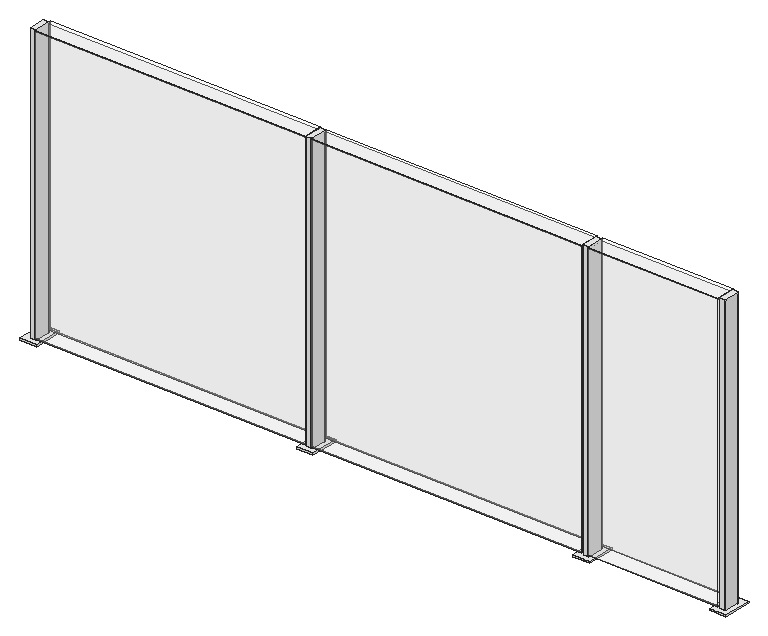
Revit family "NBS_BetafenceLimited_MtlMeshPnlFncngSym_ZenturoGabionWallBasePlated", category Generic Models, Revit 2016
Family settings
  Part Type = Normal
  Can host rebar = No
  Round Connector Dimension = Use Diameter
  OmniClass Number = 23.11.25.19.21
  OmniClass Title = Panel Fences
  Work Plane-Based = No
  Cut with Voids When Loaded = No
  Shared = No
  Room Calculation Point = No
Parameters (values of type "Zenturo Gabion Wall Baseplated")
  WarrantyStartDate [instance] = "1900-12-31T23:59:59"
  WarrantyGuarantorParts = "n/a"
  WarrantyGuarantorLabor = "n/a"
  WarrantyDurationUnit = "year"
  WarrantyDurationParts = "n/a"
  WarrantyDurationLabor = "n/a"
  WarrantyDescription = "n/a"
  Version = "1"  # constant formula
  Uniclass2015Version = "Systems v1.6"
  Uniclass2015Title = "Metal mesh panel fencing systems"
  Uniclass2015Code = "Ss_25_14_67_51"
  TagNumber [instance] = "n/a"
  SystemAccessories = "n/a"
  SustainabilityPerformance = "n/a"
  StandardPostAxisOffset = 2005 mm  # constant formula
  Size = "n/a"
  SiteAppliedFinishes = "n/a"
  Shape = "n/a"
  SerialNumber [instance] = "n/a"
  Revision = "n/a"
  ReplacementCost = "n/a"
  Reference = "n/a"
  Rails = "n/a"
  ProductInformation = "//www.betafence.co.uk/en/zenturo-super-gabion-wall"
  Posts = "n/a"
  PostThickness = 120 mm  # constant formula
  PostFoundations = "Installation guides available on request"
  Panels = "n/a"
  PanelThickness = 144 mm  # constant formula
  PanelSizeOptions = "2005 x 655 mm, 2005 x 955 mm, 2005 x 1255 mm, 2005 x 1555 mm, 2005 x 1705 mm, 2005 x 2005 mm"
  PanelOffsetFromPostAxis = PostWidth / 2  # 20 mm
  PanelOffsetFromPostCL = PanelThickness * 0.5  # 72 mm
  PanelMaterial = NBS_BetafenceLimited_MtlMeshPnlFncngSym_ZenturoGabionWall_Panel
  PanelHeight = PostHeight  # 2005 mm
  PanelElevation = 20 mm  # constant formula
  NumberOfStartPosts [instance] = if(HasPostAtStart, 1, 0)  # 1
  NumberOfPanels [instance] = if(HasNonStandardEndPanel, NumberOfWholePanels + 1, NumberOfWholePanels)  # 3
  NumberOfWholePanels [instance] = rounddown([built-in parameter 1001306] / StandardPostAxisOffset)  # 2
  NumberOfIntermediatePosts [instance] = NumberOfPanels - 1  # 2
  NumberOfEndPosts [instance] = if(HasPostOnEnd, 1, 0)  # 1
  NumberOfPosts [instance] = NumberOfStartPosts + NumberOfIntermediatePosts + NumberOfEndPosts  # 4
  NonStandardEndPanelLength [instance] = [built-in parameter 1001306] - StandardPostAxisOffset * NumberOfWholePanels  # 990 mm
  NominalWidth = StandardPostAxisOffset  # 2005 mm
  NominalLength = 0 mm
  NominalHeight = PostHeight  # 2005 mm
  Name = "MetalMeshPanelFencingSystem_ZenturoGabionWallBaseplated_BetafenceLimited"
  NBSTypeID = "n/a"
  NBSReference = "25-20-30/145"
  NBSOfficeMasterTag = "n/a"
  NBSNote = "n/a"
  NBSDescription = "Metal mesh panel fencing system"
  NBSCertification = "www.nationalbimlibrary.com/cert/mbcdywid"
  ModelReference = "Zenturo Gabion Wall Baseplated"
  ModelNumber = "n/a"
  Material = "n/a"
  ManufacturerURL = "www.betafence.co.uk"
  ManufacturerName = "Betafence Limited"  # constant formula
  Manufacturer = "sales.sheffield@betafence.com"  # constant formula
  built-in parameter 1001306 [instance] = 5000 mm
  IsExternal = yes
  InstallationDate [instance] = "1900-12-31T23:59:59"
  IfcExportType = "NOTDEFINED"  # constant formula
  IfcExportAs = "IfcWallType"  # constant formula
  Height = PostHeight  # 2005 mm
  HasSingleWholePanel [instance] = NumberOfWholePanels = 1  # no
  HasSingleIntermediatePost [instance] = NumberOfIntermediatePosts = 1  # no
  HasMultipleWholePanels [instance] = NumberOfWholePanels > 1  # yes
  HasMultipleIntermediatePosts [instance] = NumberOfIntermediatePosts > 1  # yes
  HasFoundation [instance] = yes
  Has4FoldPanel = (PostHeight > 2001 mm)  # yes
  Has3FoldPanel = not(Has4FoldPanel)  # no
  Grade = "n/a"
  FoundationMaterial = NBS_Concept
  PostWidth = 40 mm  # constant formula
  PostMountDepth = 700 mm  # constant formula
  PostMaterial = NBS_Concept
  PostHeight = 2005 mm
  HasNonStandardEndPanel [instance] = ([built-in parameter 1001306] / StandardPostAxisOffset) > NumberOfWholePanels  # yes
  HasPostOnEnd [instance] = yes
  HasPostAtStart [instance] = yes
  FoundationWidth [instance] = 300 mm
  FoundationDepth [instance] = 700 mm
  Finish = "n/a"
  FenceTopping = "n/a"
  Features = "n/a"
  ExpectedLife = "n/a"
  DurationUnit = "year"
  Diameter = 0 mm
  Description = "n/a"
  Constituents = "n/a"
  Color = "n/a"
  CodePerformance = "n/a"
  Category = "Ss_25_14_67_51: Metal mesh panel fencing systems"
  CalculatedNumberOfWholePanels [instance] = if(NumberOfWholePanels < 2, 2, NumberOfWholePanels)  # 2
  CalculatedNumberOfIntermediatePosts [instance] = if(NumberOfIntermediatePosts < 2, 2, NumberOfIntermediatePosts)  # 2
  CalculatedNonStandardEndPanelLength [instance] = if(NonStandardEndPanelLength < 2 mm, 2 mm, NonStandardEndPanelLength)  # 990 mm
  BaseBoards = "n/a"
  BarCode [instance] = "n/a"
  BIMObjectName = "NBS_BetafenceLimited_MetalMeshPanelFencingSystem_ZenturoGabionWallBasePlated"
  Author = "NBS"  # constant formula
  AssetType = "Fixed"
  AssetIdentifier [instance] = "n/a"
  AccessibilityPerformance = "n/a"
Reference planes
  plane 1 "Center (Front/Back)": y = 0
  plane 2: z = 0
  plane 3 "Left": x = 0
  plane 4 "Right": x = 5000
  plane 5: x = 2005
  plane 6: x = 4010
  plane 7: z = 2025
  plane 8: y = 150
  plane 9: y = -150
  plane 10: y = -60
  plane 11: y = 60
  plane 12 "PanelElevation": z = 20
  plane 13: x = 4010
  plane 14: y = -72
Lines and regions (mm)
  reference lines
    curve 1: line (0, 0, 0) -> (5000, 0, 0)
Dimensions and locks
  "built-in parameter 1001306": plane 3 "Left" to plane 4 "Right"
  "StandardPostAxisOffset": plane 3 "Left" to plane 5
  "StandardPostAxisOffset": plane 5 to plane 6
  "PostHeight": plane 7 to plane 12 "PanelElevation"
  equal spacing: plane 9, plane 1 "Center (Front/Back)", plane 8
  "FoundationWidth": plane 9 to plane 8
  equal spacing: plane 10, plane 1 "Center (Front/Back)", plane 11
  "PostThickness": plane 10 to plane 11
  "PanelElevation": plane 12 "PanelElevation" to plane 2
  "CalculatedNonStandardEndPanelLength": plane 13 to plane 4 "Right"
  group 1 to group 2 = 2005 mm
  group 1 to group 2 = 0 mm  (x2)
  "PanelOffsetFromPostCL": plane 14 to plane 1 "Center (Front/Back)"
  group 3 to group 4 = 2005 mm
  group 3 to group 4 = 0 mm  (x2)
  aligned and locked: plane 4 "Right" to curve 1
  aligned and locked: plane 1 "Center (Front/Back)" to curve 1
  aligned and locked: plane 3 "Left" to curve 1
  aligned and locked: level to plane 2
  aligned and locked: plane 3 "Left" to nested 1
  aligned and locked: plane 1 "Center (Front/Back)" to nested 1
  aligned and locked: plane 4 "Right" to nested 3
  aligned and locked: plane 1 "Center (Front/Back)" to nested 3
  aligned and locked: nested 2 to plane 5
  aligned and locked: plane 1 "Center (Front/Back)" to nested 2
  aligned and locked: plane 3 "Left" to nested 4
  aligned and locked: plane 2 to nested 1
  aligned and locked: plane 2 to nested 2
  aligned and locked: plane 2 to nested 3
  aligned and locked: plane 2 to nested 6
  aligned and locked: nested 6 to plane 5
  aligned and locked: plane 1 "Center (Front/Back)" to nested 6
  aligned and locked: plane 3 "Left" to nested 7
  aligned and locked: nested 4 to nested 7
  aligned and locked: plane 14 to nested 5
  aligned and locked: plane 14 to nested 7
  aligned and locked: plane 14 to nested 4
  aligned and locked: curve 1 to plane 2
  aligned and locked: nested 9 to plane 5
  aligned and locked: plane 14 to nested 9
  aligned and locked: plane 12 "PanelElevation" to nested 5
  aligned and locked: plane 12 "PanelElevation" to nested 4
  aligned and locked: plane 12 "PanelElevation" to nested 7
  aligned and locked: plane 12 "PanelElevation" to nested 9
  aligned and locked: nested 9 to plane 12 "PanelElevation"
  aligned and locked: nested 8 to plane 6
  aligned and locked: plane 4 "Right" to nested 5
Nested families
  nested 1: "NBS_BetafenceLimited_MtlMeshPnlFncngSym_ZenturoGabionWallSurfaceMountPost" at (0, 0, 0), visible <- "HasPostAtStart", FoundationMaterial <- "FoundationMaterial", FoundationDepth <- "FoundationDepth", FoundationWidth <- "FoundationWidth", PostMountDepth <- "PostMountDepth", PostHeight <- "PostHeight", PostMaterial <- "PostMaterial", HasFoundation <- "HasFoundation", PanelOffset <- "PanelElevation", type "NBS_BetafenceLimited_Post_SEED"
    with PostWidth 40 mm, PostThickness 120 mm, PostMountDepth 700 mm, PostMaterial NBS_Concept, PostHeight 2005 mm, PanelOffset 20 mm, HasFoundation yes, FoundationWidth 300 mm, FoundationMaterial NBS_Concept, FoundationDepth 700 mm
  nested 2: "NBS_BetafenceLimited_MtlMeshPnlFncngSym_ZenturoGabionWallSurfaceMountPost" at (2005, 0, 0), visible <- "HasSingleIntermediatePost", FoundationMaterial <- "FoundationMaterial", PostMaterial <- "PostMaterial", FoundationDepth <- "FoundationDepth", FoundationWidth <- "FoundationWidth", PostMountDepth <- "PostMountDepth", PostHeight <- "PostHeight", HasFoundation <- "HasFoundation", PanelOffset <- "PanelElevation", type "NBS_BetafenceLimited_Post_SEED"
    with PostWidth 40 mm, PostThickness 120 mm, PostMountDepth 700 mm, PostMaterial NBS_Concept, PostHeight 2005 mm, PanelOffset 20 mm, HasFoundation yes, FoundationWidth 300 mm, FoundationMaterial NBS_Concept, FoundationDepth 700 mm
  nested 3: "NBS_BetafenceLimited_MtlMeshPnlFncngSym_ZenturoGabionWallSurfaceMountPost" at (5000, 0, 0), visible <- "HasPostOnEnd", FoundationMaterial <- "FoundationMaterial", FoundationDepth <- "FoundationDepth", FoundationWidth <- "FoundationWidth", PostMountDepth <- "PostMountDepth", PostHeight <- "PostHeight", PostMaterial <- "PostMaterial", HasFoundation <- "HasFoundation", PanelOffset <- "PanelElevation", type "NBS_BetafenceLimited_Post_SEED"
    with PostWidth 40 mm, PostThickness 120 mm, PostMountDepth 700 mm, PostMaterial NBS_Concept, PostHeight 2005 mm, PanelOffset 20 mm, HasFoundation yes, FoundationWidth 300 mm, FoundationMaterial NBS_Concept, FoundationDepth 700 mm
  nested 4: "NBS_BetafenceLimited_MtlMeshPnlFncngSym_ZenturoGabionWall_Panel" at (0, -72, 20), PanelLength <- "StandardPostAxisOffset", PanelHeight <- "PanelHeight", visible <- "HasSingleWholePanel", PanelMaterial <- "PanelMaterial", PanelOffsetFromPostAxis <- "PanelOffsetFromPostAxis", Has4Folds <- "Has4FoldPanel", PanelThickness <- "PanelThickness", type "ZenturoGabionWall_Panel"
    with PanelThickness 144 mm, PanelOffsetFromPostAxis 20 mm, PanelMaterial NBS_BetafenceLimited_MtlMeshPnlFncngSym_ZenturoGabionWall_Panel, PanelLength 2005 mm, PanelHeight 2005 mm, Has4Folds yes, Has3Folds no, CalculatedPanelLength 2005 mm
  nested 5: "NBS_BetafenceLimited_MtlMeshPnlFncngSym_ZenturoGabionWall_Panel" at (4010, -72, 20), visible <- "HasNonStandardEndPanel", PanelLength <- "CalculatedNonStandardEndPanelLength", PanelHeight <- "PanelHeight", PanelOffsetFromPostAxis <- "PanelOffsetFromPostAxis", PanelMaterial <- "PanelMaterial", Has4Folds <- "Has4FoldPanel", PanelThickness <- "PanelThickness", type "ZenturoGabionWall_Panel"
    with PanelThickness 144 mm, PanelOffsetFromPostAxis 20 mm, PanelMaterial NBS_BetafenceLimited_MtlMeshPnlFncngSym_ZenturoGabionWall_Panel, PanelLength 990 mm, PanelHeight 2005 mm, Has4Folds yes, Has3Folds no, CalculatedPanelLength 990 mm
  nested 6: "NBS_BetafenceLimited_MtlMeshPnlFncngSym_ZenturoGabionWallSurfaceMountPost" at (2005, 0, 0), visible <- "HasMultipleIntermediatePosts", FoundationMaterial <- "FoundationMaterial", FoundationDepth <- "FoundationDepth", FoundationWidth <- "FoundationWidth", PostMountDepth <- "PostMountDepth", PostHeight <- "PostHeight", PostMaterial <- "PostMaterial", HasFoundation <- "HasFoundation", PanelOffset <- "PanelElevation", type "NBS_BetafenceLimited_Post_SEED"
    with PostWidth 40 mm, PostThickness 120 mm, PostMountDepth 700 mm, PostMaterial NBS_Concept, PostHeight 2005 mm, PanelOffset 20 mm, HasFoundation yes, FoundationWidth 300 mm, FoundationMaterial NBS_Concept, FoundationDepth 700 mm
  nested 7: "NBS_BetafenceLimited_MtlMeshPnlFncngSym_ZenturoGabionWall_Panel" at (0, -72, 20), visible <- "HasMultipleWholePanels", PanelLength <- "StandardPostAxisOffset", PanelHeight <- "PanelHeight", PanelMaterial <- "PanelMaterial", PanelOffsetFromPostAxis <- "PanelOffsetFromPostAxis", Has4Folds <- "Has4FoldPanel", PanelThickness <- "PanelThickness", type "ZenturoGabionWall_Panel"
    with PanelThickness 144 mm, PanelOffsetFromPostAxis 20 mm, PanelMaterial NBS_BetafenceLimited_MtlMeshPnlFncngSym_ZenturoGabionWall_Panel, PanelLength 2005 mm, PanelHeight 2005 mm, Has4Folds yes, Has3Folds no, CalculatedPanelLength 2005 mm
  nested 8: "NBS_BetafenceLimited_MtlMeshPnlFncngSym_ZenturoGabionWallSurfaceMountPost" at (4010, 0, 0), visible <- "HasMultipleIntermediatePosts", FoundationMaterial <- "FoundationMaterial", FoundationDepth <- "FoundationDepth", FoundationWidth <- "FoundationWidth", PostMountDepth <- "PostMountDepth", PostHeight <- "PostHeight", PostMaterial <- "PostMaterial", HasFoundation <- "HasFoundation", PanelOffset <- "PanelElevation", type "NBS_BetafenceLimited_Post_SEED"
    with PostWidth 40 mm, PostThickness 120 mm, PostMountDepth 700 mm, PostMaterial NBS_Concept, PostHeight 2005 mm, PanelOffset 20 mm, HasFoundation yes, FoundationWidth 300 mm, FoundationMaterial NBS_Concept, FoundationDepth 700 mm
  nested 9: "NBS_BetafenceLimited_MtlMeshPnlFncngSym_ZenturoGabionWall_Panel" at (2005, -72, 20), visible <- "HasMultipleWholePanels", PanelLength <- "StandardPostAxisOffset", PanelHeight <- "PanelHeight", PanelMaterial <- "PanelMaterial", PanelOffsetFromPostAxis <- "PanelOffsetFromPostAxis", Has4Folds <- "Has4FoldPanel", PanelThickness <- "PanelThickness", type "ZenturoGabionWall_Panel"
    with PanelThickness 144 mm, PanelOffsetFromPostAxis 20 mm, PanelMaterial NBS_BetafenceLimited_MtlMeshPnlFncngSym_ZenturoGabionWall_Panel, PanelLength 2005 mm, PanelHeight 2005 mm, Has4Folds yes, Has3Folds no, CalculatedPanelLength 2005 mm
Definition of nested family "NBS_BetafenceLimited_MtlMeshPnlFncngSym_ZenturoGabionWallSurfaceMountPost"
  Parameters (values of type "NBS_BetafenceLimited_Post_SEED")
    PostThickness [instance] = 120 mm
    PanelOffset [instance] = 20 mm
    HasFoundation [instance] = no
    FoundationMaterial [instance] = none
    PostMountDepth [instance] = 100 mm
    PostMaterial [instance] = none
    PostHeight [instance] = 1705 mm
    PostWidth [instance] = 40 mm
    FoundationWidth [instance] = 100 mm
    FoundationDepth [instance] = 100 mm
    BasePlateWidth = 120 mm  # constant formula
    BasePlateThickness = 12 mm  # constant formula
    BasePlateLength = 200 mm  # constant formula
  Reference planes
    plane 1 "Center (Front/Back)": y = 0
    plane 2: z = 0
    plane 3 "Center (Left/Right)": x = 0
    plane 4: z = 1725
    plane 5: z = -100
    plane 6: z = -100
    plane 7: x = -50
    plane 8: x = 50
    plane 9: y = 50
    plane 10: y = -50
    plane 11 "PanelOffsetBase": z = 20
    plane 12: x = -20
    plane 13: x = 20
    plane 14: y = -60
    plane 15: y = 60
    plane 16 "BasePlateTop": z = 12
    plane 17: x = -60
    plane 18: x = 60
    plane 19: y = 100
    plane 20: y = -100
    plane 21 "BackBoltCL": y = 80
    plane 22 "FrontBoltCL": y = -80
    plane 23 "LeftBoltCL": x = -40
    plane 24 "RightBoltCL": x = 40
  Forms (mm)
    Extrusion 1, solid, material <- "PostMaterial", detail levels coarse+medium
      sketch origin (0, 0, 0) x (1, 0, 0) y (0, 1, 0)
        loop
          line (-20, 60) -> (-20, -60) -> (20, -60) -> (20, 60) -> (-20, 60)
      from 0 to 1725
    Extrusion 2, solid, material <- "PostMaterial", detail levels fine
      sketch origin (0, 0, 0) x (1, 0, 0) y (0, 1, 0)
        loop
          line (-20, 56) -> (-20, -56)
          arc (-20, -56) -> (-18.828, -58.828) -> (-16, -60) r 4
          line (-16, -60) -> (16, -60)
          arc (16, -60) -> (18.828, -58.828) -> (20, -56) r 4
          line (20, -56) -> (20, 56)
          arc (20, 56) -> (18.828, 58.828) -> (16, 60) r 4
          line (16, 60) -> (-16, 60)
          arc (-16, 60) -> (-18.828, 58.828) -> (-20, 56) r 4
      from 0 to 1725
    Extrusion 3, solid, material <- "PostMaterial"
      sketch origin (0, 0, 0) x (1, 0, 0) y (0, 1, 0)
        loop
          line (-60, 100) -> (-60, -100) -> (60, -100) -> (60, 100) -> (-60, 100)
      from 0 to 12
  Lines and regions (mm)
    model lines
      curve 1: circle (-40, 80, 12) r 6.48 normal (0, 0, 1)
      curve 2: circle (40, 80, 12) r 6.5 normal (0, 0, 1)
      curve 3: circle (40, -80, 12) r 6.529 normal (0, 0, 1)
      curve 4: circle (-40, -80, 12) r 6.5 normal (0, 0, 1)
  Dimensions and locks
    "PostHeight": plane 4 to plane 11 "PanelOffsetBase"
    "FoundationDepth": plane 2 to plane 5
    "PostMountDepth": plane 2 to plane 6
    equal spacing: plane 9, plane 1 "Center (Front/Back)", plane 10
    equal spacing: plane 7, plane 3 "Center (Left/Right)", plane 8
    "FoundationWidth": plane 9 to plane 10
    "FoundationWidth": plane 7 to plane 8
    "PanelOffset": plane 11 "PanelOffsetBase" to plane 2
    equal spacing: plane 15, plane 1 "Center (Front/Back)", plane 14
    "PostThickness": plane 15 to plane 14
    equal spacing: plane 12, plane 3 "Center (Left/Right)", plane 13
    "PostWidth": plane 12 to plane 13
    "BasePlateThickness": plane 16 "BasePlateTop" to plane 2
    "BasePlateWidth": plane 18 to plane 17
    "BasePlateLength": plane 19 to plane 20
    locked: plane 22 "FrontBoltCL" to plane 20 at 20
    locked: plane 19 to plane 21 "BackBoltCL" at 20
    locked: plane 24 "RightBoltCL" to plane 18 at 20
    locked: plane 17 to plane 23 "LeftBoltCL" at 20
    equal spacing: plane 18, plane 3 "Center (Left/Right)", plane 17
    aligned and locked: level to plane 2
    aligned and locked: plane 4 to Extrusion 1
    aligned and locked: plane 14 to Extrusion 1 sketch curve
    aligned and locked: Extrusion 1 sketch curve to plane 15
    aligned and locked: Extrusion 1 sketch curve to plane 13
    aligned and locked: plane 12 to Extrusion 1 sketch curve
    aligned and locked: Extrusion 2 sketch curve to plane 12
    aligned and locked: Extrusion 2 sketch curve to plane 13
    aligned and locked: Extrusion 2 sketch curve to plane 14
    aligned and locked: Extrusion 2 sketch curve to plane 15
    aligned and locked: plane 4 to Extrusion 2
    aligned and locked: Extrusion 3 sketch curve to plane 19
    aligned and locked: Extrusion 3 sketch curve to plane 17
    aligned and locked: Extrusion 3 sketch curve to plane 18
    aligned and locked: Extrusion 3 sketch curve to plane 20
    aligned and locked: plane 16 "BasePlateTop" to Extrusion 3
    aligned and locked: Extrusion 1 to plane 2
    aligned and locked: Extrusion 3 to plane 2
  Automatic sketch dimensions
    plane 12 to Extrusion 2 sketch curve = 4 mm  (x2)
    Extrusion 2 sketch curve to plane 13 = 4 mm
    Extrusion 2 sketch curve to Extrusion 2 sketch curve = 4 mm
    curve 2 to plane 21 "BackBoltCL" = 0 mm
    curve 2 to plane 24 "RightBoltCL" = 0 mm
    curve 3 to plane 22 "FrontBoltCL" = 0 mm
    curve 3 to plane 24 "RightBoltCL" = 0 mm
    curve 4 to plane 22 "FrontBoltCL" = 0 mm
    curve 4 to plane 23 "LeftBoltCL" = 0 mm
    curve 1 to plane 21 "BackBoltCL" = 0 mm
    curve 1 to plane 23 "LeftBoltCL" = 0 mm
    radius of curve 1 = 6.48 mm
    radius of curve 2 = 6.5 mm
    radius of curve 3 = 6.529 mm
    radius of curve 4 = 6.5 mm
Definition of nested family "NBS_BetafenceLimited_MtlMeshPnlFncngSym_ZenturoGabionWall_Panel"
  Parameters (values of type "ZenturoGabionWall_Panel")
    PanelOffsetFromPostAxis [instance] = 50 mm
    PanelThickness [instance] = 144 mm
    PanelMaterial [instance] = none
    PanelLength [instance] = 1000 mm
    PanelHeight [instance] = 2000 mm
    Has4Folds [instance] = yes
    Has3Folds [instance] = not(Has4Folds)  # no
    CalculatedPanelLength [instance] = if(PanelLength < (PanelOffsetFromPostAxis * 2 + 2 mm), PanelOffsetFromPostAxis * 2 + 2 mm, PanelLength)  # 1000 mm
  Reference planes
    plane 1 "Center (Front/Back)": y = 0
    plane 2: z = 0
    plane 3 "Center (Left/Right)": x = 0
    plane 4: x = 1000
    plane 5: x = 50
    plane 6: x = 950
    plane 7: y = 144
    plane 8: z = 2000
    plane 9: y = 132
    plane 10: y = 12
    plane 11: z = 1988
  Forms (mm)
    Extrusion 1, solid, material <- "PanelMaterial", detail levels coarse+medium
      sketch origin (0, 0, 0) x (0, 1, 0) y (0, 0, 1)
        loop
          line (144, 0) -> (144, 2000) -> (0, 2000) -> (0, 0) -> (144, 0)
      from 50 to 950
    Extrusion 2, solid, material <- "PanelMaterial", detail levels fine
      sketch origin (0, 0, 0) x (0, 1, 0) y (0, 0, 1)
        loop
          line (132, 0) -> (144, 0) -> (144, 2000) -> (0, 2000) -> (0, 0) -> (12, 0) -> (12, 1988) -> (132, 1988) -> (132, 0)
      from 50 to 950
  Dimensions and locks
    "CalculatedPanelLength": plane 3 "Center (Left/Right)" to plane 4
    "PanelOffsetFromPostAxis": plane 3 "Center (Left/Right)" to plane 5
    "PanelOffsetFromPostAxis": plane 6 to plane 4
    "PanelHeight": plane 8 to plane 2
    "PanelThickness": plane 1 "Center (Front/Back)" to plane 7
    locked: plane 9 to plane 7 at 12
    locked: plane 1 "Center (Front/Back)" to plane 10 at 12
    locked: plane 8 to plane 11 at 12
    aligned and locked: level to plane 2
    aligned and locked: Extrusion 1 sketch curve to plane 7
    aligned and locked: plane 1 "Center (Front/Back)" to Extrusion 1 sketch curve
    aligned and locked: plane 2 to Extrusion 1 sketch curve
    aligned and locked: plane 8 to Extrusion 1 sketch curve
    aligned and locked: plane 6 to Extrusion 1
    aligned and locked: Extrusion 1 to plane 5
    aligned and locked: plane 9 to Extrusion 2 sketch curve
    aligned and locked: plane 11 to Extrusion 2 sketch curve
    aligned and locked: plane 10 to Extrusion 2 sketch curve
    aligned and locked: plane 1 "Center (Front/Back)" to Extrusion 2 sketch curve
    aligned and locked: plane 8 to Extrusion 2 sketch curve
    aligned and locked: Extrusion 2 sketch curve to plane 7
    aligned and locked: plane 2 to Extrusion 2 sketch curve
    aligned and locked: plane 6 to Extrusion 2
    aligned and locked: Extrusion 2 to plane 5
  Automatic sketch dimensions
    Extrusion 2 sketch curve to level = 0 mm
